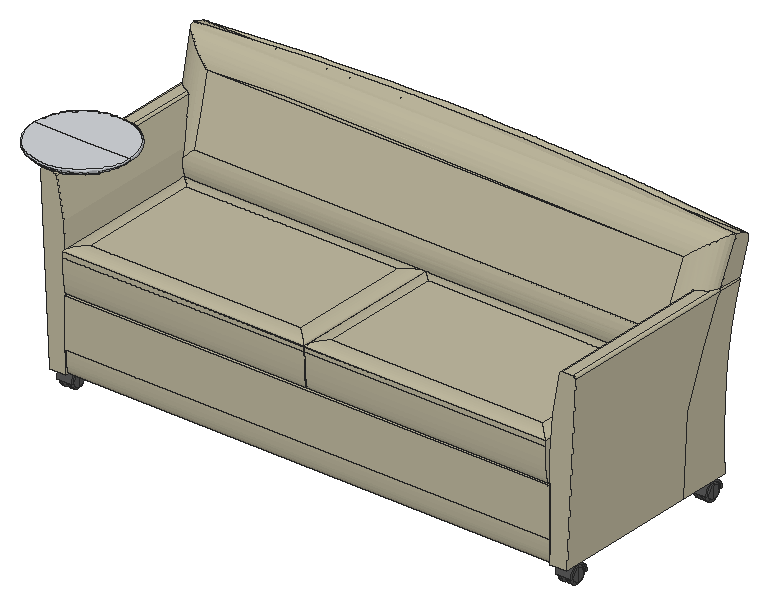
Revit family "martin brattrud heritage 910-72tl", category Furniture, Revit 2015
Parameters
  URL = "http://www.martinbrattrud.com"
  Tablet [instance] = none
  SCS Certified Product = "Yes"
  Model = "Heritage 910-72"
  Manufacturer = "Martin Brattrud, Inc."
  Handle [instance] = none
  Keynote = "125000"
  Copyright = "© 2013 Martin Brattrud, Inc."
  Chair [instance] = none
  Wheel [instance] = none
  Authoring Version = "Revit Architecture 2010"
  Assembly Code = "E2020200"
Reference planes (in)
  plane 1 "Center Front/Back": y = 0
  plane 2: z = 0
  plane 3: x = 21.41231
Forms (in)
  Extrusion 1, solid, material <- "Chair"
    sketch origin (0, 0, 0) x (0, 1, 0) y (0, 0, 1)
      loop
        arc (12.74026, 2.62614) -> (12.50987, 16.40948) -> (14.59049, 30.03683) r 82.04243
        arc (14.59049, 30.03683) -> (14.49515, 30.75072) -> (13.94487, 31.21539) r 1
        line (13.94487, 31.21539) -> (12.52721, 31.70551) -> (6.08401, 13.06882) -> (6.08401, 2.62614) -> (12.74026, 2.62614)
    from -14.5 to 57.5
  Extrusion 2, solid, material <- "Chair"
    sketch origin (0, 0, 0) x (0, 1, 0) y (0, 0, 1)
      loop
        line (6.08401, 17.39354) -> (-13.90749, 17.39354) -> (-13.90749, 16.73684)
        spline (-13.90749, 16.73684) -> (-13.90289, 16.14947) -> (-13.88917, 15.57215) -> (-13.86656, 15.01476) -> (-13.83545, 14.48684) -> (-13.79637, 13.99741) -> (-13.75, 13.55486) -> (-13.69712, 13.16675) -> (-13.63864, 12.83973) -> (-13.57556, 12.57938) -> (-13.50896, 12.39017) -> (-13.43998, 12.27534) -> (-13.36979, 12.23684)
        line (-13.36979, 12.23684) -> (6.08401, 12.23684) -> (6.08401, 17.39354)
    from -10.4547 to 21.41231
  Sweep 3, solid, material <- "Chair"
    path in 3D
      loop
        line (-10.4547, 6.08401, 17.39354) -> (-10.4547, -13.90749, 17.39354) -> (21.41231, -13.90749, 17.39354) -> (21.41231, 6.08401, 17.39354) -> (-10.4547, 6.08401, 17.39354)
    profile origin (5.4788, 6.08401, 17.39354) x (0, -1, 0) y (0, 0, 1)
      loop
        line (0.03125, 0) -> (2.03125, 0) -> (2.03125, 0.56884)
        spline (2.03125, 0.56884) -> (1.7702, 0.56397) -> (1.51361, 0.54946) -> (1.26588, 0.52554) -> (1.03125, 0.49263) -> (0.81373, 0.45129) -> (0.61704, 0.40223) -> (0.44454, 0.34629) -> (0.2992, 0.28442) -> (0.18349, 0.21768) -> (0.0994, 0.14723) -> (0.04836, 0.07425) -> (0.03125, 0)
  Extrusion 4, solid, material <- "Chair"
    sketch origin (0, 0, 0) x (1, 0, 0) y (0, 1, 0)
      loop
        line (-8.42345, -11.87624) -> (19.38106, -11.87624) -> (19.38106, 4.05276) -> (-8.42345, 4.05276) -> (-8.42345, -11.87624)
    from 17.39354 to 17.96237
  Sweep 5, solid, material <- "Chair"
    path in 3D
      loop
        arc (57.5, 12.7199, 2.83) -> (57.5, 12.51683, 16.51168) -> (57.5, 14.59049, 30.03683) r 82.04243
        arc (57.5, 14.59049, 30.03683) -> (57.5, 14.49515, 30.75072) -> (57.5, 13.94487, 31.21539) r 1
        line (57.5, 13.94487, 31.21539) -> (57.5, 12.52721, 31.70551)
    profile origin (57.5, 13.23604, 31.46045) x (0, -0.32675, -0.945111) y (1, 0, 0)
      loop
        line (0, -72) -> (0, 0)
        arc (0, 0) -> (-1.30671, -36) -> (0, -72) r 496.55435
  Extrusion 6, void
    sketch origin (0, -11.75, 0) x (-1, 0, 0) y (0, 0, 1)
      loop
        arc (14.35088, 31.98684) -> (14.08326, 28.99427) -> (13.83545, 26) r 453.67894
        line (13.83545, 26) -> (13.42967, 26)
        arc (13.42967, 26) -> (13.70502, 25.87957) -> (13.80352, 25.59564) r 0.375
        arc (13.80352, 25.59564) -> (12.98082, 12.80689) -> (12.51965, 0) r 453.67894
        line (12.51965, 0) -> (15.2047, 0) -> (15.2047, 31.98684) -> (14.35088, 31.98684)
      loop
        line (-57.35088, 31.98684) -> (-58.2047, 31.98684) -> (-58.2047, 0) -> (-55.51965, 0)
        arc (-55.51965, 0) -> (-55.98082, 12.80689) -> (-56.80352, 25.59564) r 453.67894
        arc (-56.80352, 25.59564) -> (-56.70502, 25.87957) -> (-56.42967, 26) r 0.375
        line (-56.42967, 26) -> (-56.83545, 26)
        arc (-56.83545, 26) -> (-57.08326, 28.99427) -> (-57.35088, 31.98684) r 453.67894
    from -2.61979 to 26.83358
  Extrusion 7, solid, material <- "Chair"
    sketch origin (0, 19.68984, 52.42315) x (0, -0.32675, -0.945111) y (1, 0, 0)
      loop
        arc (25.63663, -9.97112) -> (29.88994, -9.65274) -> (34.14575, -9.36984) r 511.348
        line (34.14575, -9.36984) -> (34.14575, 52.40436) -> (25.65051, 53.01449)
        arc (25.65051, 53.01449) -> (24.64539, 21.5219) -> (25.63663, -9.97112) r 497.30164
    from 0 to 2.25
  Extrusion 8, solid, material <- "Chair"
    sketch origin (0, 0, 0) x (0, 1, 0) y (0, 0, 1)
      loop
        arc (-13.25527, 12.23684) -> (-13.43205, 12.16362) -> (-13.50527, 11.98684) r 0.25
        line (-13.50527, 11.98684) -> (-13.50527, 5.62614)
        spline (-13.50527, 5.62614) -> (-13.50023, 5.23456) -> (-13.48519, 4.84968) -> (-13.46042, 4.47809) -> (-13.42632, 4.12614) -> (-13.3835, 3.79985) -> (-13.33268, 3.50482) -> (-13.27472, 3.24608) -> (-13.21063, 3.02806) -> (-13.1415, 2.8545) -> (-13.06851, 2.72836) -> (-12.99291, 2.6518) -> (-12.91599, 2.62614)
        line (-12.91599, 2.62614) -> (6.08401, 2.62614) -> (6.08401, 12.23684) -> (-13.25527, 12.23684)
    from -10.4547 to 53.4547
  Sweep 9, solid, material <- "Chair"
    path origin (0, 11.84785, 29.74049) x (0, -0.32675, -0.945111) y (1, 0, 0)
      loop
        line (14.177, 56.15647) -> (-2.0979, 57.32533)
        arc (-2.0979, 57.32533) -> (-3.38586, 21.49909) -> (-2.1103, -14.32759) r 501.33289
        arc (-2.1103, -14.32759) -> (6.0287, -13.68425) -> (14.177, -13.17198) r 507.31675
        line (14.177, -13.17198) -> (14.177, 56.15647)
    profile origin (21.49225, 7.21551, 16.34165) x (0, -0.32675, -0.945111) y (0, -0.945111, 0.32675)
      loop
        line (-4.03125, 0) -> (-0.03125, 0)
        spline (-0.03125, 0) -> (-0.06547, 0.29368) -> (-0.16755, 0.58234) -> (-0.33573, 0.86104) -> (-0.56715, 1.125) -> (-0.85784, 1.36971) -> (-1.20282, 1.59099) -> (-1.5962, 1.78505) -> (-2.03125, 1.94856) -> (-2.50052, 2.07873) -> (-2.99597, 2.17333) -> (-3.50915, 2.23075) -> (-4.03125, 2.25)
        line (-4.03125, 2.25) -> (-4.03125, 0)
  Extrusion 10, solid, material <- "Chair"
    sketch origin (0, -11.75, 0) x (-1, 0, 0) y (0, 0, 1)
      loop
        arc (12.5847, 2.62614) -> (13.04852, 14.11862) -> (13.80352, 25.59564) r 453.67894
        arc (13.80352, 25.59564) -> (13.70502, 25.87957) -> (13.42967, 26) r 0.375
        line (13.42967, 26) -> (12.10847, 26)
        arc (12.10847, 26) -> (11.87817, 25.92096) -> (11.74496, 25.71714) r 0.375
        arc (11.74496, 25.71714) -> (10.77851, 20.58673) -> (10.4547, 15.37614) r 42.08491
        line (10.4547, 15.37614) -> (10.4547, 2.62614) -> (12.5847, 2.62614)
      loop
        line (-55.5847, 2.62614) -> (-53.4547, 2.62614) -> (-53.4547, 15.37614)
        arc (-53.4547, 15.37614) -> (-53.77851, 20.58673) -> (-54.74496, 25.71714) r 42.08491
        arc (-54.74496, 25.71714) -> (-54.87817, 25.92096) -> (-55.10847, 26) r 0.375
        line (-55.10847, 26) -> (-56.42967, 26)
        arc (-56.42967, 26) -> (-56.70502, 25.87957) -> (-56.80352, 25.59564) r 0.375
        arc (-56.80352, 25.59564) -> (-56.04852, 14.11862) -> (-55.5847, 2.62614) r 453.67894
    from -1.61979 to 25.88021
  Extrusion 11, solid, material <- "Wheel"
    sketch origin (0, 0, 0) x (0, 1, 0) y (0, 0, -1)
      loop
        arc (-12.47848, -1.0804) -> (-11.16598, -2.45654) -> (-9.85348, -1.0804) r 1.31397
        line (-9.85348, -1.0804) -> (-9.98095, -1.08637)
        arc (-9.98095, -1.08637) -> (-11.16745, -2.3304) -> (-12.35395, -1.08637) r 1.18783
        line (-12.35395, -1.08637) -> (-12.47848, -1.0804)
    from 10.44 to 12.44
  Revolve 12, solid, material <- "Wheel"
    sketch origin (0, -11.1734, 0) x (1, 0, 0) y (0, 0, -1)
      loop
        line (-11.315, -1.0804) -> (-10.47801, -1.0804) -> (-10.47801, -0.25)
        arc (-10.47801, -0.25) -> (-10.55123, -0.07322) -> (-10.72801, 0) r 0.25
        line (-10.72801, 0) -> (-11.065, 0)
        arc (-11.065, 0) -> (-11.24178, -0.07322) -> (-11.315, -0.25) r 0.25
        line (-11.315, -0.25) -> (-11.315, -1.0804)
      loop
        line (-11.565, -1.0804) -> (-11.565, -0.25)
        arc (-11.565, -0.25) -> (-11.63822, -0.07322) -> (-11.815, 0) r 0.25
        line (-11.815, 0) -> (-12.15199, 0)
        arc (-12.15199, 0) -> (-12.32877, -0.07322) -> (-12.40199, -0.25) r 0.25
        line (-12.40199, -0.25) -> (-12.40199, -1.0804) -> (-11.565, -1.0804)
      axis (-10.47801, -1.0804) -> (-12.40199, -1.0804)
    angle from 0 to 360
  Extrusion 13, solid, material <- "Wheel"
    sketch origin (-0.05844, 104.0333, 2.12614) x (-0.99232, 0.1237, 0) y (-0.1237, -0.99232, 0)
      loop
        circle (-2.90427, 115.22304) r 0.25
    from 0.04498 to 0.5
  Extrusion 14, solid, material <- "Wheel"
    sketch origin (0, 0, 0) x (0, -1, 0) y (0, 0, 1)
      loop
        line (-12.47848, 1.0804) -> (-12.35395, 1.08637)
        arc (-12.35395, 1.08637) -> (-11.16745, 2.3304) -> (-9.98095, 1.08637) r 1.18783
        line (-9.98095, 1.08637) -> (-9.85348, 1.0804)
        arc (-9.85348, 1.0804) -> (-11.16598, 2.45654) -> (-12.47848, 1.0804) r 1.31397
    from 10.44 to 12.44
  Revolve 15, solid, material <- "Wheel"
    sketch origin (0, 11.1734, 0) x (1, 0, 0) y (0, 0, 1)
      loop
        line (-11.315, 1.0804) -> (-11.315, 0.25)
        arc (-11.315, 0.25) -> (-11.24178, 0.07322) -> (-11.065, 0) r 0.25
        line (-11.065, 0) -> (-10.72801, 0)
        arc (-10.72801, 0) -> (-10.55123, 0.07322) -> (-10.47801, 0.25) r 0.25
        line (-10.47801, 0.25) -> (-10.47801, 1.0804) -> (-11.315, 1.0804)
      loop
        line (-11.565, 1.0804) -> (-12.40199, 1.0804) -> (-12.40199, 0.25)
        arc (-12.40199, 0.25) -> (-12.32877, 0.07322) -> (-12.15199, 0) r 0.25
        line (-12.15199, 0) -> (-11.815, 0)
        arc (-11.815, 0) -> (-11.63822, 0.07322) -> (-11.565, 0.25) r 0.25
        line (-11.565, 0.25) -> (-11.565, 1.0804)
      axis (-10.47801, 1.0804) -> (-12.40199, 1.0804)
    angle from 0 to 360
  Extrusion 16, solid, material <- "Wheel"
    sketch origin (-0.05844, -104.0333, 2.12614) x (0.99232, 0.1237, 0) y (-0.1237, 0.99232, 0)
      loop
        circle (2.90427, 115.22304) r 0.25
    from 0.04498 to 0.5
  Extrusion 17, void
    sketch origin (0, 0, 0) x (0, 1, 0) y (0, 0, 1)
      loop
        line (17.43249, 34.00269) -> (15.64821, 34.00269)
        arc (15.64821, 34.00269) -> (12.61417, 17.78301) -> (12.88719, 1.28425) r 82.04243
        line (12.88719, 1.28425) -> (17.43249, 1.28425) -> (17.43249, 34.00269)
    from -16 to 60.38347
  Extrusion 18, void
    sketch origin (0, -11.75, 0) x (-1, 0, 0) y (0, 0, 1)
      loop
        line (14.2047, 2.62614) -> (14.2047, 26.0625) -> (12.10847, 26.0625)
        arc (12.10847, 26.0625) -> (11.87817, 25.98346) -> (11.74496, 25.77964) r 0.375
        arc (11.74496, 25.77964) -> (10.77851, 20.64923) -> (10.4547, 15.43864) r 42.08491
        line (10.4547, 15.43864) -> (10.4547, 2.62614) -> (14.2047, 2.62614)
      loop
        line (-57.18961, 2.62614) -> (-53.43961, 2.62614) -> (-53.43961, 15.43864)
        arc (-53.43961, 15.43864) -> (-53.76342, 20.64923) -> (-54.72988, 25.77964) r 42.08491
        arc (-54.72988, 25.77964) -> (-54.86308, 25.98346) -> (-55.09338, 26.0625) r 0.375
        line (-55.09338, 26.0625) -> (-57.18961, 26.0625) -> (-57.18961, 2.62614)
    from -1.61979 to 25.88021
  Extrusion 19, solid, material <- "Wheel"
    sketch origin (43, 0, 0) x (0, 1, 0) y (0, 0, 1)
      loop
        line (-12.47848, 1.0804) -> (-12.35395, 1.08637)
        arc (-12.35395, 1.08637) -> (-11.16745, 2.3304) -> (-9.98095, 1.08637) r 1.18783
        line (-9.98095, 1.08637) -> (-9.85348, 1.0804)
        arc (-9.85348, 1.0804) -> (-11.16598, 2.45654) -> (-12.47848, 1.0804) r 1.31397
    from 10.44 to 12.44
  Revolve 20, solid, material <- "Wheel"
    sketch origin (43, -11.1734, 0) x (-1, 0, 0) y (0, 0, 1)
      loop
        line (-11.315, 1.0804) -> (-11.315, 0.25)
        arc (-11.315, 0.25) -> (-11.24178, 0.07322) -> (-11.065, 0) r 0.25
        line (-11.065, 0) -> (-10.72801, 0)
        arc (-10.72801, 0) -> (-10.55123, 0.07322) -> (-10.47801, 0.25) r 0.25
        line (-10.47801, 0.25) -> (-10.47801, 1.0804) -> (-11.315, 1.0804)
      loop
        line (-11.565, 1.0804) -> (-12.40199, 1.0804) -> (-12.40199, 0.25)
        arc (-12.40199, 0.25) -> (-12.32877, 0.07322) -> (-12.15199, 0) r 0.25
        line (-12.15199, 0) -> (-11.815, 0)
        arc (-11.815, 0) -> (-11.63822, 0.07322) -> (-11.565, 0.25) r 0.25
        line (-11.565, 0.25) -> (-11.565, 1.0804)
      axis (-10.47801, 1.0804) -> (-12.40199, 1.0804)
    angle from 0 to 360
  Extrusion 21, solid, material <- "Wheel"
    sketch origin (43.05844, 104.0333, 2.12614) x (-0.99232, -0.1237, 0) y (0.1237, -0.99232, 0)
      loop
        circle (2.90427, 115.22304) r 0.25
    from 0.04498 to 0.5
  Extrusion 22, solid, material <- "Wheel"
    sketch origin (43, 0, 0) x (0, -1, 0) y (0, 0, -1)
      loop
        arc (-12.47848, -1.0804) -> (-11.16598, -2.45654) -> (-9.85348, -1.0804) r 1.31397
        line (-9.85348, -1.0804) -> (-9.98095, -1.08637)
        arc (-9.98095, -1.08637) -> (-11.16745, -2.3304) -> (-12.35395, -1.08637) r 1.18783
        line (-12.35395, -1.08637) -> (-12.47848, -1.0804)
    from 10.44 to 12.44
  Revolve 23, solid, material <- "Wheel"
    sketch origin (43, 11.1734, 0) x (-1, 0, 0) y (0, 0, -1)
      loop
        line (-11.315, -1.0804) -> (-10.47801, -1.0804) -> (-10.47801, -0.25)
        arc (-10.47801, -0.25) -> (-10.55123, -0.07322) -> (-10.72801, 0) r 0.25
        line (-10.72801, 0) -> (-11.065, 0)
        arc (-11.065, 0) -> (-11.24178, -0.07322) -> (-11.315, -0.25) r 0.25
        line (-11.315, -0.25) -> (-11.315, -1.0804)
      loop
        line (-11.565, -1.0804) -> (-11.565, -0.25)
        arc (-11.565, -0.25) -> (-11.63822, -0.07322) -> (-11.815, 0) r 0.25
        line (-11.815, 0) -> (-12.15199, 0)
        arc (-12.15199, 0) -> (-12.32877, -0.07322) -> (-12.40199, -0.25) r 0.25
        line (-12.40199, -0.25) -> (-12.40199, -1.0804) -> (-11.565, -1.0804)
      axis (-10.47801, -1.0804) -> (-12.40199, -1.0804)
    angle from 0 to 360
  Extrusion 24, solid, material <- "Wheel"
    sketch origin (43.05844, -104.0333, 2.12614) x (0.99232, -0.1237, 0) y (0.1237, 0.99232, 0)
      loop
        circle (-2.90427, 115.22304) r 0.25
    from 0.04498 to 0.5
  Extrusion 25, solid, material <- "Chair"
    sketch origin (42.82461, 0, 0) x (0, 1, 0) y (0, 0, -1)
      loop
        line (6.08401, -17.39354) -> (6.08401, -12.23684) -> (-13.36979, -12.23684)
        spline (-13.36979, -12.23684) -> (-13.43998, -12.27534) -> (-13.50896, -12.39017) -> (-13.57556, -12.57938) -> (-13.63864, -12.83973) -> (-13.69712, -13.16675) -> (-13.75, -13.55486) -> (-13.79637, -13.99741) -> (-13.83545, -14.48684) -> (-13.86656, -15.01476) -> (-13.88917, -15.57215) -> (-13.90289, -16.14947) -> (-13.90749, -16.73684)
        line (-13.90749, -16.73684) -> (-13.90749, -17.39354) -> (6.08401, -17.39354)
    from -10.4547 to 21.41231
  Sweep 26, solid, material <- "Chair"
    path in 3D
      loop
        line (21.41231, 6.08401, 17.39354) -> (21.41231, -13.90749, 17.39354) -> (53.27931, -13.90749, 17.39354) -> (53.27931, 6.08401, 17.39354) -> (21.41231, 6.08401, 17.39354)
    profile origin (37.34581, 6.08401, 17.39354) x (0, -1, 0) y (0, 0, 1)
      loop
        line (0.03125, 0) -> (2.03125, 0) -> (2.03125, 0.56884)
        spline (2.03125, 0.56884) -> (1.7702, 0.56397) -> (1.51361, 0.54946) -> (1.26588, 0.52554) -> (1.03125, 0.49263) -> (0.81373, 0.45129) -> (0.61704, 0.40223) -> (0.44454, 0.34629) -> (0.2992, 0.28442) -> (0.18349, 0.21768) -> (0.0994, 0.14723) -> (0.04836, 0.07425) -> (0.03125, 0)
  Extrusion 27, solid, material <- "Chair"
    sketch origin (0, 0, 0) x (1, 0, 0) y (0, 1, 0)
      loop
        line (23.44356, -11.87624) -> (51.24806, -11.87624) -> (51.24806, 4.05276) -> (23.44356, 4.05276) -> (23.44356, -11.87624)
    from 17.39354 to 17.96237
  Revolve 28, solid, material <- "Tablet"
    sketch origin (0, -7.38778, 0) x (-1, 0, 0) y (0, 0, 1)
      loop
        line (13.1342, 26.75512) -> (13.1342, 26.00512) -> (18.8892, 26.00512)
        arc (18.8892, 26.00512) -> (18.93895, 26.01502) -> (18.98113, 26.0432) r 0.13
        line (18.98113, 26.0432) -> (19.47113, 26.5332)
        arc (19.47113, 26.5332) -> (19.49931, 26.67487) -> (19.3792, 26.75512) r 0.13
        line (19.3792, 26.75512) -> (13.1342, 26.75512)
      axis (13.1342, 26.75512) -> (13.1342, 26.00512)
    angle from 0 to 360
Cuts and joins
  joined: Sweep 3, Extrusion 4
  Extrusion 6 cuts Extrusion 1
  Extrusion 6, Extrusion 17 cuts Sweep 5
  Extrusion 17 cuts Extrusion 10
  joined: Extrusion 1, Sweep 5, Extrusion 10
  Extrusion 18 cuts Sweep 9
  joined: Extrusion 7, Sweep 9
  joined: Sweep 26, Extrusion 27
Lines and regions (in)
  sketch lines
    curve 1: line (21.41231, 6.08401, 17.39354) -> (-10.4547, 6.08401, 17.39354)
    curve 2: line (-10.4547, -13.90749, 17.39354) -> (-10.4547, 6.08401, 17.39354)
    curve 3: line (21.41231, -13.90749, 17.39354) -> (-10.4547, -13.90749, 17.39354)
    curve 4: line (21.41231, 6.08401, 17.39354) -> (21.41231, -13.90749, 17.39354)
    curve 5: line (57.5, 13.94487, 31.21539) -> (57.5, 12.52721, 31.70551)
    curve 6: arc (57.5, 13.94487, 31.21539) -> (57.5, 14.49515, 30.75072) -> (57.5, 14.59049, 30.03683) r 1
    curve 7: arc (57.5, 14.59049, 30.03683) -> (57.5, 12.51683, 16.51168) -> (57.5, 12.7199, 2.83) r 82.04243
    curve 8: line (53.27931, 6.08401, 17.39354) -> (21.41231, 6.08401, 17.39354)
    curve 9: line (21.41231, -13.90749, 17.39354) -> (21.41231, 6.08401, 17.39354)
    curve 10: line (53.27931, -13.90749, 17.39354) -> (21.41231, -13.90749, 17.39354)
    curve 11: line (53.27931, 6.08401, 17.39354) -> (53.27931, -13.90749, 17.39354)
